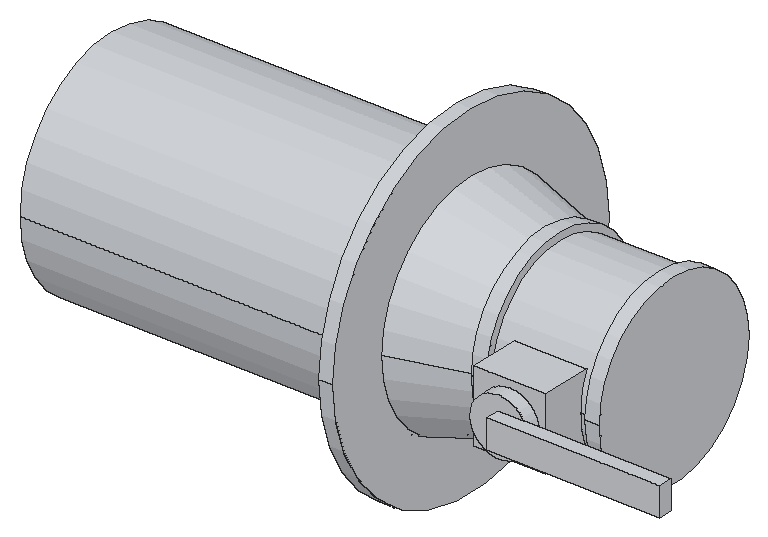
Revit family "M_Round Takeoff with Standoff Damper - Conical", category Duct Fittings, Revit 2014
Parameters (values of type "Standard")
  Radius 2 [instance] = Duct Radius 2 + 6 mm  # 81 mm
  Height 1 [instance] = Duct Radius 2 + Standoff Height  # 112.5 mm
  built-in parameter 1114214 [instance] = 300 mm
  built-in parameter 1114213 [instance] = 240 mm
  built-in parameter 1114215 [instance] = if(Duct Diameter 2 > 960 mm, Duct Diameter 2 * 0.25, 240 mm)  # 0.7874 (stored number, unit not read)
  Standoff Width [instance] = 62.5 mm
  Standoff Height [instance] = 37.5 mm
  Radius 1 [instance] = Handle Width * 2  # 25 mm
  Length 1 [instance] = 12.5 mm
  Handle Width [instance] = 12.5 mm
  Handle Length [instance] = 150 mm
  Handle Height [instance] = 25 mm
  Half Width [instance] = Duct Radius 1 / 2  # 50 mm
  Stop Bead Radius [instance] = Duct Radius 1 + 50 mm  # 150 mm
  Stop Bead Thickness [instance] = 12.5 mm
  Duct Diameter 2 [instance] = Duct Radius 2 * 2  # 150 mm
  Duct Radius 1 [instance] = 25 mm + Duct Radius 2  # 100 mm
  Length 2 [instance] = [built-in parameter 1114213] * 0.35  # 84 mm
  Duct Radius 2 [instance] = 75 mm
  Duct Diameter 1 [instance] = Duct Radius 1 * 2  # 200 mm
  Assembly Code = ""
Reference planes
  plane 1 "Center (Front/Back)": y = 0
  plane 2: z = 0
  plane 3 "Center (Left/Right)": x = 0
  plane 4: x = -300
  plane 5: x = 240
  plane 6: x = 12.5
  plane 7: x = 84
  plane 8: x = 136.6
  plane 9: x = 189.2
  plane 10: y = -112.5
  plane 11: y = 75
Forms (mm)
  Extrusion 1, solid, detail levels medium+fine
    sketch origin (0, 0, 0) x (0, 1, 0) y (0, 0, 1)
      loop
        circle (0, 0) r 75
    from 84 to 189.2
  Blend 2, solid, detail levels medium+fine
    base sketch origin (0, 0, 0) x (0, 1, 0) y (0, 0, 1)
      loop
        circle (0, 0) r 100
    top sketch origin (0, 0, 0) x (0, 1, 0) y (0, 0, 1)
      loop
        circle (0, 0) r 75
    from 0 to 84
  Extrusion 3, solid, detail levels medium+fine
    sketch origin (0, 0, 0) x (0, 1, 0) y (0, 0, 1)
      loop
        circle (0, 0) r 81
    from 77.65 to 90.35
  Extrusion 4, solid, detail levels medium+fine
    sketch origin (0, 0, 0) x (0, 1, 0) y (0, 0, 1)
      loop
        circle (0, 0) r 81
    from 176.5 to 189.2
  Blend 5, solid, detail levels medium+fine
    base sketch origin (0, 0, 0) x (0, 1, 0) y (0, 0, 1)
      loop
        circle (0, 0) r 101.6
    top sketch origin (0, 0, 0) x (0, 1, 0) y (0, 0, 1)
      loop
        circle (0, 0) r 76.2
    from 0 to 84
  Extrusion 6, solid, detail levels medium+fine
    sketch origin (0, 0, 0) x (0, 1, 0) y (0, 0, 1)
      loop
        circle (0, 0) r 100
    from -300 to 0
  Extrusion 7, solid, detail levels medium+fine
    sketch origin (0, 0, 0) x (0, 1, 0) y (0, 0, 1)
      loop
        circle (0, 0) r 150
    from 0 to 12.5
  Extrusion 8, solid, detail levels medium+fine
    sketch origin (0, 0, 0) x (1, 0, 0) y (0, 0, 1)
      loop
        line (105.35, 31.25) -> (105.35, -31.25) -> (167.85, -31.25) -> (167.85, 31.25) -> (105.35, 31.25)
    from 0 to 112.5
  Extrusion 9, solid, detail levels medium+fine
    sketch origin (0, 0, 0) x (1, 0, 0) y (0, 0, 1)
      loop
        circle (136.6, 0) r 25
    from 112.5 to 125
  Extrusion 10, solid, detail levels medium+fine
    sketch origin (0, 0, 0) x (1, 0, 0) y (0, 0, 1)
      loop
        line (136.6, 12.5) -> (136.6, -12.5) -> (286.6, -12.5) -> (286.6, 12.5) -> (136.6, 12.5)
    from 125 to 137.5
Cuts and joins
  joined: Extrusion 1, Extrusion 3, Extrusion 4, Extrusion 8
  joined: Blend 2, Extrusion 7
Lines and regions (mm)
  model lines, not visible, detail levels medium+fine
    curve 1: line (0, 0, 0) -> (240, 0, 0)
  model lines, detail levels coarse
    curve 2: line (136.6, 75, 0) -> (136.6, -137.5, 0)
    curve 3: line (136.6, -137.5, 0) -> (286.6, -137.5, 0)
Dimensions and locks
  "built-in parameter 1114214": plane 4 to plane 3 "Center (Left/Right)"
  "built-in parameter 1114213": plane 3 "Center (Left/Right)" to plane 5
  "Stop Bead Thickness": plane 3 "Center (Left/Right)" to plane 6
  "Length 2": plane 3 "Center (Left/Right)" to plane 7
  locked: plane 9 to plane 5 at 50.8
  equal spacing: plane 7, plane 8, plane 9
  locked: Extrusion 3 to plane 7 at 6.35
  locked: plane 7 to Extrusion 3 at 6.35
  equal spacing: Extrusion 8 sketch curve, plane 8, Extrusion 8 sketch curve
  "Standoff Width": Extrusion 8 sketch curve to Extrusion 8 sketch curve  (x2)
  equal spacing: Extrusion 8 sketch curve, plane 2, Extrusion 8 sketch curve
  "Height 1": plane 1 "Center (Front/Back)" to plane 10
  "Length 1": Extrusion 9 to plane 10
  equal spacing: Extrusion 10 sketch curve, plane 2, Extrusion 10 sketch curve
  "Handle Height": Extrusion 10 sketch curve to Extrusion 10 sketch curve
  "Handle Length": plane 8 to Extrusion 10 sketch curve
  "Handle Width": Extrusion 10 to Extrusion 10
  "Duct Radius 2": plane 1 "Center (Front/Back)" to plane 11
  locked: Extrusion 4 to plane 9 at 12.7
  "Duct Radius 2": radius of Extrusion 1 sketch curve
  "Duct Radius 2": radius of Blend 2 sketch curve
  "Radius 2": radius of Extrusion 3 sketch curve
  "Radius 2": radius of Extrusion 4 sketch curve
  "Duct Radius 1": radius of Blend 2 sketch curve
  "Duct Radius 1": radius of Extrusion 6 sketch curve
  "Stop Bead Radius": radius of Extrusion 7 sketch curve
  "Radius 1": radius of Extrusion 9 sketch curve
  aligned and locked: plane 3 "Center (Left/Right)" to curve 1
  aligned and locked: plane 1 "Center (Front/Back)" to curve 1
  aligned and locked: plane 5 to curve 1
  aligned and locked: plane 2 to Extrusion 1 sketch curve
  aligned and locked: plane 1 "Center (Front/Back)" to Extrusion 1 sketch curve
  aligned and locked: Extrusion 1 to plane 7
  aligned and locked: plane 2 to Blend 2 sketch curve
  aligned and locked: plane 1 "Center (Front/Back)" to Blend 2 sketch curve  (x2)
  aligned and locked: Blend 2 to plane 3 "Center (Left/Right)"
  aligned and locked: plane 7 to Blend 2
  aligned and locked: plane 2 to Extrusion 3 sketch curve
  aligned and locked: plane 1 "Center (Front/Back)" to Extrusion 3 sketch curve
  aligned and locked: plane 2 to Extrusion 4 sketch curve
  aligned and locked: plane 1 "Center (Front/Back)" to Extrusion 4 sketch curve
  aligned and locked: level to Blend 2 sketch curve
  aligned and locked: plane 2 to Blend 5 sketch curve  (x2)
  aligned and locked: plane 1 "Center (Front/Back)" to Blend 5 sketch curve  (x2)
  aligned and locked: Blend 5 to plane 3 "Center (Left/Right)"
  aligned and locked: plane 7 to Blend 5
  aligned and locked: plane 2 to Extrusion 6 sketch curve
  aligned and locked: plane 1 "Center (Front/Back)" to Extrusion 6 sketch curve
  aligned and locked: Extrusion 6 to plane 4
  aligned and locked: plane 3 "Center (Left/Right)" to Extrusion 6
  aligned and locked: plane 2 to Extrusion 7 sketch curve
  aligned and locked: plane 1 "Center (Front/Back)" to Extrusion 7 sketch curve
  aligned and locked: Extrusion 7 to plane 3 "Center (Left/Right)"
  aligned and locked: plane 6 to Extrusion 7
  aligned and locked: Extrusion 8 to plane 1 "Center (Front/Back)"
  aligned and locked: Extrusion 8 to plane 10
  aligned and locked: plane 2 to Extrusion 9 sketch curve
  aligned and locked: plane 8 to Extrusion 9 sketch curve
  aligned and locked: plane 10 to Extrusion 9
  aligned and locked: plane 8 to Extrusion 10 sketch curve
  aligned and locked: Extrusion 10 to Extrusion 9
  aligned and locked: curve 2 to plane 8
  aligned and locked: curve 3 to Extrusion 10  (x2)
  aligned and locked: plane 11 to curve 2
  aligned and locked: plane 9 to Extrusion 4
  aligned and locked: plane 9 to cut or joined group of Extrusion 1, Extrusion 3, Extrusion 4, Extrusion 8
Automatic sketch dimensions
  radius of Blend 5 sketch curve = 101.6 mm
  radius of Blend 5 sketch curve = 76.2 mm
Connectors
  hvac at (0, 0, 0), driven by "Duct Radius 2"
    settings: on Blend 2, index 1, duct flow 0.0 L/s, flow factor 0, pres drop 0.0 Pa, loss coef 0, conn angle 0.00°, conn width 304.8 mm, conn height 304.8 mm, conn diameter 150 mm, duct sys type 28, conn prof type 0, flow config 0, flow direction 0, loss method 0, conn ref index 2, conn util no, is conn primary yes, conn desc ""
  hvac at (189.2, 0, 0), driven by "Duct Radius 2"
    settings: on cut or joined group of Extrusion 1, Extrusion 3, Extrusion 4, Extrusion 8, index 2, duct flow 0.0 L/s, flow factor 0, pres drop 0.0 Pa, loss coef 0, conn angle 0.00°, conn width 304.8 mm, conn height 304.8 mm, conn diameter 150 mm, duct sys type 28, conn prof type 0, flow config 0, flow direction 0, loss method 0, conn ref index 1, conn util no, is conn primary no, conn desc ""
